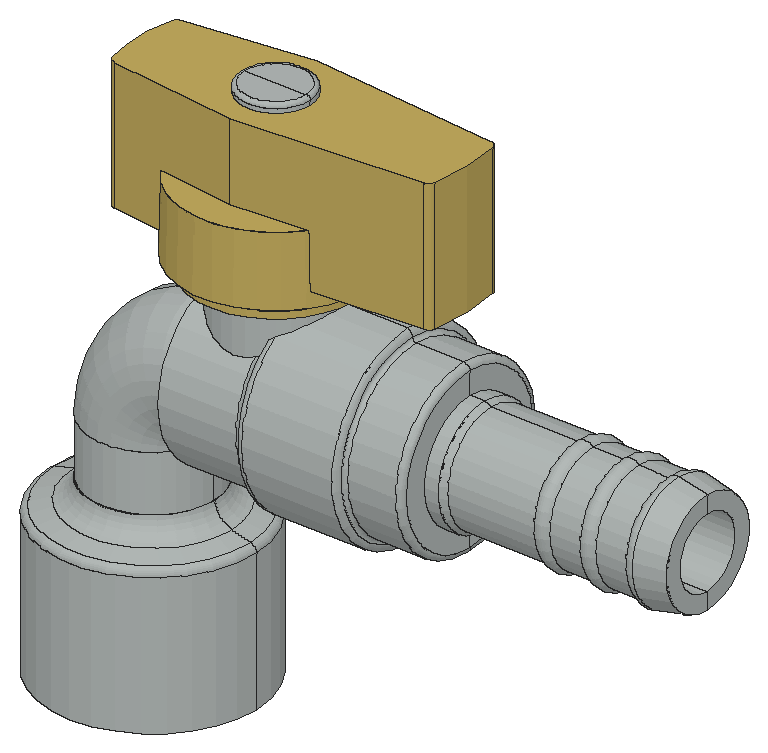
Revit family "QP20300000", category Apparecchi idraulici, Revit 2020
Family settings
  Quota connettore circolare = Usa diametro
  Tipo di parte = Normale
  Numero OmniClass = 23.45.00.00
  Titolo OmniClass = Sanitary, Laundry, and Cleaning Equipment
  Basato su piano di lavoro = No
  Sempre verticale = Sì
  Taglio con vuoti quando caricato = No
  Condiviso = No
  Punto di calcolo locali = No
Parameters
  URL = "https://web.cimberio.com/index.php/figura/119?subcategoria_id=95875"
  Temperatura di esercizio = "-20 ÷ 60°C"
  Prospetto di default = 0 mm
  Produttore = "CIMBERIO SPA"
  Pressione nominale = "MOP 5"
  Modello = "Cim 152"
  Materiale = "Prodotto in lega di ottone conforme alla norma EN 12165-CW617N-DW"
  Descrizione = "Utilizzato nell’impiantistica distributiva di gas a bassa pressione per le categorie:\r\nGas naturali: gas derivati dal petrolio (Metano) e gas di ricambio.\r\nGas di città: prodotti secondo i diversi procedimenti (Cracking - Cokerie - ecc.).\r\nGas liquidi: propano e miscele di gas propano/butano"
  DN Model [instance] = QP20303110 : QP20303110
  DN [instance] = 15 mm
  Commenti sul tipo = "Realizzato in ottemperanza ai requisiti gestionali della norma EN ISO 9001.\r\nCollaudato al 100% secondo la normativa EN 12266-1"
Reference planes
  plane 1 "Centro (Fronte/Retro)": y = 0
  plane 2: z = 0
  plane 3 "Centro (Sinistra/Destra)": x = 0
Dimensions and locks
  aligned and locked: level to plane 2
Nested families
  nested 1: "QP20303110" at (0, 0, 0), type <- "DN Model", type "QP20303110"
  nested 2: "QP20303110" at (0, 0, 0), type <- "DN Model", type "QP20303110"
  nested 3: "QP20303110" at (0, 0, 0), type <- "DN Model", type "QP20303110"
  nested 4: "QP20303110" at (0, 0, 0), type <- "DN Model", type "QP20303110"
Connectors
  piping at (56.3, 0, 0), diameter 15, driven by "DN"
    settings: on nested 1, index 1, connector inside diameter 609.6 mm, connector length 0 mm, flow factor 0, pipe flow 0.0 L/s, pressure drop 0.0 Pa, fitting loss kfactor 0, connector angle 0.00°, fixture units 0, engagement length 0 mm, angle of deflection 0.00°, flow configuration 0, flow direction 0, fitting loss method 0, system type 7, joint type 0, gender type 0, connector reference index -1, connector utility 0, adjustable connector no, is connector primary yes, connector description ""
Definition of nested family "QP20303110"
  Parameters (values of type "QP20303110")
    URL = ""
    Default Elevation = 0 mm
    Manufacturer = ""
    Model = ""
    Description = ""
    Type Comments = ""
  Reference planes
    plane 1 "Centro (Fronte/Retro)": y = 0
    plane 2: z = 0
    plane 3 "Centro (Sinistra/Destra)": x = 0
  Forms (mm)
    Revolve 1, solid
      sketch origin (0.744, 0, 1.406) x (1, 0, 0) y (0, 0, 1)
        loop
          line (11.146, 13.716) -> (10.988, 22.789) -> (-0.448, 22.789) -> (-0.448, 11.85) -> (9.552, 11.85) -> (9.552, 12.795) -> (11.146, 13.716)
        axis (-0.754, 11.85) -> (-0.754, 22.789)
      angle from 0 to 360
    Revolve 2, solid
      sketch origin (0.751, 0, 1.446) x (1, 0, 0) y (0, 0, 1)
        loop
          arc (3.746, 33.15) -> (3.6, 33.504) -> (3.246, 33.65) r 0.5
          line (3.246, 33.65) -> (-0.754, 33.65) -> (-0.754, 31.443) -> (3.746, 31.443) -> (3.746, 33.15)
        axis (-0.754, 33.65) -> (-0.754, 31.443)
      angle from 0 to 360
    Extrusion 3, solid
      sketch origin (1.758, 0, 1.45) x (1, 0, 0) y (0, 1, 0)
        loop
          arc (-19.114, 4.772) -> (-19.758, -0.042) -> (-19.091, -4.852) r 18
          arc (-19.091, -4.852) -> (-18.778, -5.343) -> (-18.244, -5.576) r 1
          line (-18.244, -5.576) -> (-1.755, -7.5) -> (21.908, -5.5)
          arc (21.908, -5.5) -> (22.493, -5.247) -> (22.806, -4.691) r 1
          arc (22.806, -4.691) -> (23.25, 0) -> (22.806, 4.691) r 25
          arc (22.806, 4.691) -> (22.489, 5.25) -> (21.897, 5.501) r 1
          line (21.897, 5.501) -> (-2.38, 7.425) -> (-18.27, 5.5)
          arc (-18.27, 5.5) -> (-18.802, 5.265) -> (-19.114, 4.772) r 1
      from 15.62 to 32.65
    Revolve 4, solid
      sketch origin (1.758, 0, 0) x (1, 0, 0) y (0, 0, 1)
        loop
          line (-0.754, 4.83) -> (7.416, 4.83) -> (7.416, 16.081) -> (-0.754, 16.081) -> (-0.754, 4.83)
        axis (-0.754, 16.081) -> (-0.754, 4.83)
      angle from 0 to 360
    Revolve 5, solid
      sketch origin (0, 0, 0) x (1, 0, 0) y (0, 0, 1)
        loop
          line (18.3, -11.083) -> (24.521, -11.083)
          arc (24.521, -11.083) -> (25.088, -10.848) -> (25.323, -10.281) r 0.802
          line (25.323, -10.281) -> (25.323, -4.5) -> (-6.523, -4.5) -> (-6.523, -10.983) -> (3.557, -10.983)
          arc (3.557, -10.983) -> (4.268, -11.328) -> (4.711, -11.983) r 1.528
          arc (4.711, -11.983) -> (5.077, -12.349) -> (5.577, -12.483) r 1
          line (5.577, -12.483) -> (17.3, -12.483)
          arc (17.3, -12.483) -> (17.636, -12.081) -> (17.8, -11.583) r 1.391
          arc (17.8, -11.583) -> (17.946, -11.229) -> (18.3, -11.083) r 0.5
        axis (-6.523, 0) -> (25.323, 0)
      angle from 0 to 360
    Revolve 6, solid
      sketch origin (0, 0, 0) x (1, 0, 0) y (0, 0, 1)
        loop
          line (-16, -16.475) -> (-24.077, -16.475)
          arc (-24.077, -16.475) -> (-24.765, -18.149) -> (-26.291, -19.123) r 3
          line (-26.291, -19.123) -> (-28.759, -19.784)
          arc (-28.759, -19.784) -> (-29.293, -20.142) -> (-29.5, -20.75) r 1
          line (-29.5, -20.75) -> (-29.5, -38.983) -> (-16, -38.983) -> (-16, -16.475)
        axis (-16, -16.475) -> (-16, -38.983)
      angle from 0 to 360
    Sweep 7, solid
      path origin (0, 0, 0) x (1, 0, 0) y (0, 0, 1)
        loop
          arc (-6.523, 0) -> (-13.208, -2.611) -> (-16, -9.222) r 9.226
          line (-16, -9.222) -> (-16, -16.475)
      profile origin (-16, 0, -12.849) x (0, -1, 0) y (1, 0, 0)
        loop
          circle (0, 0) r 8
        loop
          circle (0, 0) r 4.5
    Revolve 8, solid
      sketch origin (0, 0, 0) x (1, 0, 0) y (0, 0, 1)
        loop
          line (56.3, 6.695) -> (52.56, 7.49)
          arc (52.56, 7.49) -> (51.861, 7.437) -> (51.3, 7.017) r 1.25
          line (51.3, 7.017) -> (47.3, 7.017)
          arc (47.3, 7.017) -> (46.3, 7.517) -> (45.3, 7.017) r 1.25
          line (45.3, 7.017) -> (41.3, 7.017)
          arc (41.3, 7.017) -> (40.3, 7.517) -> (39.3, 7.017) r 1.25
          line (39.3, 7.017) -> (28.014, 7.017) -> (27.3, 7.517) -> (25.3, 7.517) -> (25.3, 4.56) -> (56.3, 4.56) -> (56.3, 6.695)
        axis (56.3, 0) -> (25.3, 0)
      angle from 0 to 360
  Dimensions and locks
    aligned and locked: level to plane 2
